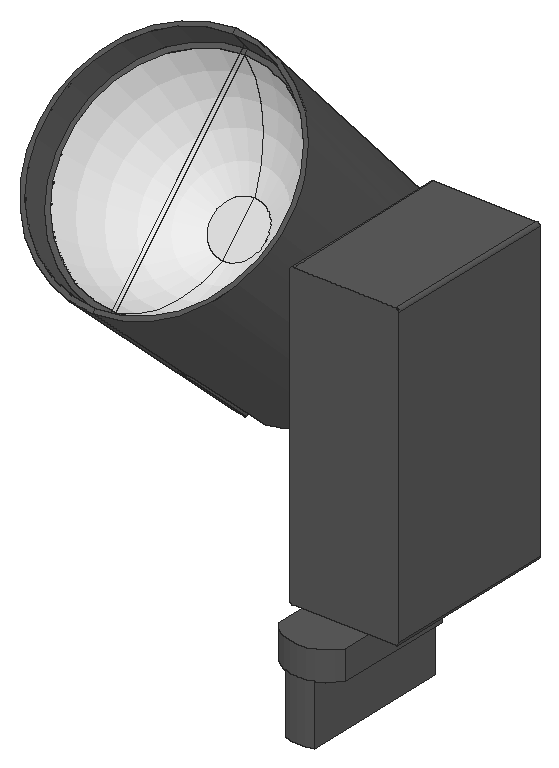
Revit family "0004858 Feilo Sylvania Lighting Fixture START TRACK SPOT L 55W 4K RA80 WB BLACK", category Lighting Fixtures, host Face, Revit 2017 (continued)
Definition of nested family "Start Track Spot Head"
  Types (96, lengths in mm): name | Wattage | built-in parameter 1150134 | Photometric Web File | Model | built-in parameter 1150105 | Lumens | built-in parameter 1150107 | built-in parameter 1150106 | HeadThickness_FEILO | HeadRibOffset_FEILO | HeadRibDepth_FEILO | HeadRibCutWidth_FEILO | HeadRibCutOffset_FEILO | HeadReflectorRadius_FEILO | HeadReflectorOffset_FEILO | HeadLEDRadius_FEILO | HeadHeight_FEILO | HeadDiffusorOffset_FEILO | HeadDiaOut_FEILO | HeadDiaIn_FEILO | HeadAxisFromTop_FEILO | Emit from Circle Diameter | built-in parameter 1150104 | Description | Apparent Load
    0004864 START TRACK SPOT S 24W 3K RA90 WB WHITE | 24 W | (empty or 0) | "0004864.ies" | "START TRACK SPOT S 24W 3K RA90 WB WHITE" | 152.79 (stored number, unit not read) | 1920 lm | 3000 (stored number, unit not read) | 1.5279 (stored number, unit not read) | 1.5 | 4.179 | 55.714 | 7.167 | 50.87 | 50.588 | 55.714 | 9.556 | 117 | 9.435 | 86 | 77.477 | 69.354 | 77.477 | 7.4322 (stored number, unit not read) | "Integrated LED spotlight, Textured White - RAL9016, compact and minimalist design, ideal for retail applications, die-cast aluminium body, passive cooling heatsink. Beam angle: 64°, color temperature: 3000K , total system power: 24W, total fixture output: 1928 lm, LOR: 100%, colour rendering: Ra: 90 typical, LED Chromaticity: 3 step MacAdam ellipse, lifetime: >50000 hours at L70B50, energy class: A++, A+, A, IR/UV free light source without heat radiation, operating voltage: 220-240V / 50-60Hz, drive current: 600mA, electronic driver, non-dimmable, power factor: 0.95, electrical protection: Class II, Global Track 3 Phase adapter suitable for Global trac 3-circuit tracks, ingress protection rating: IP20, suitable for internal environment only, horizontal rotation: 355°, vertical tilt: 90°, dimensions: Ø86x140x200, weight: 0.966kg." | 24 VA
    0004863 START TRACK SPOT S 24W 3K RA90 MB WHITE | 24 W | (empty or 0) | "0004863.ies" | "START TRACK SPOT S 24W 3K RA90 MB WHITE" | 154.7 (stored number, unit not read) | 1944 lm | 3000 (stored number, unit not read) | 1.547 (stored number, unit not read) | 1.5 | 4.179 | 55.714 | 7.167 | 50.87 | 50.588 | 55.714 | 9.556 | 117 | 9.435 | 86 | 77.477 | 69.354 | 77.477 | 7.5251 (stored number, unit not read) | "Integrated LED spotlight, Textured White - RAL9016, compact and minimalist design, ideal for retail applications, die-cast aluminium body, passive cooling heatsink. Beam angle: 36°, color temperature: 3000K , total system power: 24W, total fixture output: 1944 lm, LOR: 100%, colour rendering: Ra: 90 typical, LED Chromaticity: 3 step MacAdam ellipse, lifetime: >50000 hours at L70B50, energy class: A++, A+, A, IR/UV free light source without heat radiation, operating voltage: 220-240V / 50-60Hz, drive current: 600mA, electronic driver, non-dimmable, power factor: 0.95, electrical protection: Class II, Global Track 3 Phase adapter suitable for Global trac 3-circuit tracks, ingress protection rating: IP20, suitable for internal environment only, horizontal rotation: 355°, vertical tilt: 90°, dimensions: Ø86x140x200, weight: 0.966kg." | 24 VA
    0004862 START TRACK SPOT S 24W 3K RA90 NB WHITE | 24 W | (empty or 0) | "0004862.ies" | "START TRACK SPOT S 24W 3K RA90 NB WHITE" | 158.52 (stored number, unit not read) | 1992 lm | 3000 (stored number, unit not read) | 1.5852 (stored number, unit not read) | 1.5 | 4.179 | 55.714 | 7.167 | 50.87 | 50.588 | 55.714 | 9.556 | 117 | 9.435 | 86 | 77.477 | 69.354 | 77.477 | 7.711 (stored number, unit not read) | "Integrated LED spotlight, Textured White - RAL9016, compact and minimalist design, ideal for retail applications, die-cast aluminium body, passive cooling heatsink. Beam angle: 12°, color temperature: 3000K , total system power: 24W, total fixture output: 1987 lm, LOR: 100%, colour rendering: Ra: 90 typical, LED Chromaticity: 3 step MacAdam ellipse, lifetime: >50000 hours at L70B50, energy class: A++, A+, A, IR/UV free light source without heat radiation, operating voltage: 220-240V / 50-60Hz, drive current: 600mA, electronic driver, non-dimmable, power factor: 0.95, electrical protection: Class II, Global Track 3 Phase adapter suitable for Global trac 3-circuit tracks, ingress protection rating: IP20, suitable for internal environment only, horizontal rotation: 355°, vertical tilt: 90°, dimensions: Ø86x140x200, weight: 0.966kg." | 24 VA
    0004861 START TRACK SPOT S 14W 3K RA90 WB WHITE | 14 W | (empty or 0) | "0004861.ies" | "START TRACK SPOT S 14W 3K RA90 WB WHITE" | 100.27 (stored number, unit not read) | 1260 lm | 3000 (stored number, unit not read) | 1.0027 (stored number, unit not read) | 1.5 | 4.179 | 55.714 | 7.167 | 50.87 | 50.588 | 55.714 | 9.556 | 117 | 9.435 | 86 | 77.477 | 69.354 | 77.477 | 8.3613 (stored number, unit not read) | "Integrated LED spotlight, Textured White - RAL9016, compact and minimalist design, ideal for retail applications, die-cast aluminium body, passive cooling heatsink. Beam angle: 64°, color temperature: 3000K , total system power: 14W, total fixture output: 1262 lm, LOR: 100%, colour rendering: Ra: 90 typical, LED Chromaticity: 3 step MacAdam ellipse, lifetime: >50000 hours at L70B50, energy class: A++, A+, A, IR/UV free light source without heat radiation, operating voltage: 220-240V / 50-60Hz, drive current: 350mA, electronic driver, non-dimmable, power factor: 0.92, electrical protection: Class II, Global Track 3 Phase adapter suitable for Global trac 3-circuit tracks, ingress protection rating: IP20, suitable for internal environment only, horizontal rotation: 355°, vertical tilt: 90°, dimensions: Ø86x140x200, weight: 0.940kg." | 14 VA
    0004860 START TRACK SPOT S 14W 3K RA90 MB WHITE | 14 W | (empty or 0) | "0004860.ies" | "START TRACK SPOT S 14W 3K RA90 MB WHITE" | 100.27 (stored number, unit not read) | 1260 lm | 3000 (stored number, unit not read) | 1.0027 (stored number, unit not read) | 1.5 | 4.179 | 55.714 | 7.167 | 50.87 | 50.588 | 55.714 | 9.556 | 117 | 9.435 | 86 | 77.477 | 69.354 | 77.477 | 8.3613 (stored number, unit not read) | "Integrated LED spotlight, Textured White - RAL9016, compact and minimalist design, ideal for retail applications, die-cast aluminium body, passive cooling heatsink. Beam angle: 36°, color temperature: 3000K , total system power: 14W, total fixture output: 1262 lm, LOR: 100%, colour rendering: Ra: 90 typical, LED Chromaticity: 3 step MacAdam ellipse, lifetime: >50000 hours at L70B50, energy class: A++, A+, A, IR/UV free light source without heat radiation, operating voltage: 220-240V / 50-60Hz, drive current: 350mA, electronic driver, non-dimmable, power factor: 0.92, electrical protection: Class II, Global Track 3 Phase adapter suitable for Global trac 3-circuit tracks, ingress protection rating: IP20, suitable for internal environment only, horizontal rotation: 355°, vertical tilt: 90°, dimensions: Ø86x140x200, weight: 0.940kg." | 14 VA
    0004859 START TRACK SPOT S 14W 3K RA90 NB WHITE | 14 W | (empty or 0) | "0004859.ies" | "START TRACK SPOT S 14W 3K RA90 NB WHITE" | 102.5 (stored number, unit not read) | 1288 lm | 3000 (stored number, unit not read) | 1.025 (stored number, unit not read) | 1.5 | 4.179 | 55.714 | 7.167 | 50.87 | 50.588 | 55.714 | 9.556 | 117 | 9.435 | 86 | 77.477 | 69.354 | 77.477 | 8.5471 (stored number, unit not read) | "Integrated LED spotlight, Textured White - RAL9016, compact and minimalist design, ideal for retail applications, die-cast aluminium body, passive cooling heatsink. Beam angle: 12°, color temperature: 3000K , total system power: 14W, total fixture output: 1284 lm, LOR: 100%, colour rendering: Ra: 90 typical, LED Chromaticity: 3 step MacAdam ellipse, lifetime: >50000 hours at L70B50, energy class: A++, A+, A, IR/UV free light source without heat radiation, operating voltage: 220-240V / 50-60Hz, drive current: 350mA, electronic driver, non-dimmable, power factor: 0.92, electrical protection: Class II, Global Track 3 Phase adapter suitable for Global trac 3-circuit tracks, ingress protection rating: IP20, suitable for internal environment only, horizontal rotation: 355°, vertical tilt: 90°, dimensions: Ø86x140x200, weight: 0.940kg." | 14 VA
    0004858 START TRACK SPOT L 55W 4K RA80 WB BLACK | 55 W | 12 | "0004858.ies" | "START TRACK SPOT L 55W 4K RA80 WB BLACK" | 424.55 (stored number, unit not read) | 5335 lm | 4000 (stored number, unit not read) | 4.2455 (stored number, unit not read) | 2 | 4.429 | 59.048 | 9.417 | 53.913 | 66.471 | 59.048 | 12.556 | 124 | 10 | 113 | 101.802 | 73.503 | 101.802 | 9.0116 (stored number, unit not read) | "Integrated LED spotlight, Textured Black - RAL9005, compact and minimalist design, ideal for retail applications, die-cast aluminium body, passive cooling heatsink. Beam angle: 52°, color temperature: 4000K , total system power: 55W, total fixture output: 5320 lm, LOR: 100%, colour rendering: Ra: 80 typical, LED Chromaticity: 3 step MacAdam ellipse, lifetime: >50000 hours at L70B50, energy class: A++, A+, A, IR/UV free light source without heat radiation, operating voltage: 220-240V / 50-60Hz, drive current: 1400mA, electronic driver, non-dimmable, power factor: 0.96, electrical protection: Class II, Global Track 3 Phase adapter suitable for Global trac 3-circuit tracks, ingress protection rating: IP20, suitable for internal environment only, horizontal rotation: 355°, vertical tilt: 90°, dimensions: Ø113x164x240, weight: 1.398kg." | 55 VA
    0004857 START TRACK SPOT L 55W 4K RA80 MB BLACK | 55 W | 12 | "0004857.ies" | "START TRACK SPOT L 55W 4K RA80 MB BLACK" | 428.92 (stored number, unit not read) | 5390 lm | 4000 (stored number, unit not read) | 4.2892 (stored number, unit not read) | 2 | 4.429 | 59.048 | 9.417 | 53.913 | 66.471 | 59.048 | 12.556 | 124 | 10 | 113 | 101.802 | 73.503 | 101.802 | 9.1045 (stored number, unit not read) | "Integrated LED spotlight, Textured Black - RAL9005, compact and minimalist design, ideal for retail applications, die-cast aluminium body, passive cooling heatsink. Beam angle: 38°, color temperature: 4000K , total system power: 55W, total fixture output: 5378 lm, LOR: 100%, colour rendering: Ra: 80 typical, LED Chromaticity: 3 step MacAdam ellipse, lifetime: >50000 hours at L70B50, energy class: A++, A+, A, IR/UV free light source without heat radiation, operating voltage: 220-240V / 50-60Hz, drive current: 1400mA, electronic driver, non-dimmable, power factor: 0.96, electrical protection: Class II, Global Track 3 Phase adapter suitable for Global trac 3-circuit tracks, ingress protection rating: IP20, suitable for internal environment only, horizontal rotation: 355°, vertical tilt: 90°, dimensions: Ø113x164x240, weight: 1.398kg." | 55 VA
    0004856 START TRACK SPOT L 55W 4K RA80 NB BLACK | 55 W | 12 | "0004856.ies" | "START TRACK SPOT L 55W 4K RA80 NB BLACK" | 433.3 (stored number, unit not read) | 5445 lm | 4000 (stored number, unit not read) | 4.333 (stored number, unit not read) | 2 | 4.429 | 59.048 | 9.417 | 53.913 | 66.471 | 59.048 | 12.556 | 124 | 10 | 113 | 101.802 | 73.503 | 101.802 | 9.1974 (stored number, unit not read) | "Integrated LED spotlight, Textured Black - RAL9005, compact and minimalist design, ideal for retail applications, die-cast aluminium body, passive cooling heatsink. Beam angle: 15°, color temperature: 4000K , total system power: 55W, total fixture output: 5426 lm, LOR: 100%, colour rendering: Ra: 80 typical, LED Chromaticity: 3 step MacAdam ellipse, lifetime: >50000 hours at L70B50, energy class: A++, A+, A, IR/UV free light source without heat radiation, operating voltage: 220-240V / 50-60Hz, drive current: 1400mA, electronic driver, non-dimmable, power factor: 0.96, electrical protection: Class II, Global Track 3 Phase adapter suitable for Global trac 3-circuit tracks, ingress protection rating: IP20, suitable for internal environment only, horizontal rotation: 355°, vertical tilt: 90°, dimensions: Ø113x164x240, weight: 1.398kg." | 55 VA
    0004855 START TRACK SPOT L 35W 4K RA80 WB BLACK | 35 W | 12 | "0004855.ies" | "START TRACK SPOT L 35W 4K RA80 WB BLACK" | 320.3 (stored number, unit not read) | 4025 lm | 4000 (stored number, unit not read) | 3.203 (stored number, unit not read) | 2 | 4.429 | 59.048 | 9.417 | 53.913 | 66.471 | 59.048 | 12.556 | 124 | 10 | 113 | 101.802 | 73.503 | 101.802 | 10.684 (stored number, unit not read) | "Integrated LED spotlight, Textured Black - RAL9005, compact and minimalist design, ideal for retail applications, die-cast aluminium body, passive cooling heatsink. Beam angle: 52°, color temperature: 4000K , total system power: 35W, total fixture output: 4010 lm, LOR: 100%, colour rendering: Ra: 80 typical, LED Chromaticity: 3 step MacAdam ellipse, lifetime: >50000 hours at L70B50, energy class: A++, A+, A, IR/UV free light source without heat radiation, operating voltage: 220-240V / 50-60Hz, drive current: 900mA, electronic driver, non-dimmable, power factor: 0.93, electrical protection: Class II, Global Track 3 Phase adapter suitable for Global trac 3-circuit tracks, ingress protection rating: IP20, suitable for internal environment only, horizontal rotation: 355°, vertical tilt: 90°, dimensions: Ø113x164x240, weight: 1.368kg." | 35 VA
    0004854 START TRACK SPOT L 35W 4K RA80 MB BLACK | 35 W | 12 | "0004854.ies" | "START TRACK SPOT L 35W 4K RA80 MB BLACK" | 320.3 (stored number, unit not read) | 4025 lm | 4000 (stored number, unit not read) | 3.203 (stored number, unit not read) | 2 | 4.429 | 59.048 | 9.417 | 53.913 | 66.471 | 59.048 | 12.556 | 124 | 10 | 113 | 101.802 | 73.503 | 101.802 | 10.684 (stored number, unit not read) | "Integrated LED spotlight, Textured Black - RAL9005, compact and minimalist design, ideal for retail applications, die-cast aluminium body, passive cooling heatsink. Beam angle: 38°, color temperature: 4000K , total system power: 35W, total fixture output: 4017 lm, LOR: 100%, colour rendering: Ra: 80 typical, LED Chromaticity: 3 step MacAdam ellipse, lifetime: >50000 hours at L70B50, energy class: A++, A+, A, IR/UV free light source without heat radiation, operating voltage: 220-240V / 50-60Hz, drive current: 900mA, electronic driver, non-dimmable, power factor: 0.93, electrical protection: Class II, Global Track 3 Phase adapter suitable for Global trac 3-circuit tracks, ingress protection rating: IP20, suitable for internal environment only, horizontal rotation: 355°, vertical tilt: 90°, dimensions: Ø113x164x240, weight: 1.368kg." | 35 VA
    0004853 START TRACK SPOT L 35W 4K RA80 NB BLACK | 35 W | 12 | "0004853.ies" | "START TRACK SPOT L 35W 4K RA80 NB BLACK" | 331.44 (stored number, unit not read) | 4165 lm | 4000 (stored number, unit not read) | 3.3144 (stored number, unit not read) | 2 | 4.429 | 59.048 | 9.417 | 53.913 | 66.471 | 59.048 | 12.556 | 124 | 10 | 113 | 101.802 | 73.503 | 101.802 | 11.055 (stored number, unit not read) | "Integrated LED spotlight, Textured Black - RAL9005, compact and minimalist design, ideal for retail applications, die-cast aluminium body, passive cooling heatsink. Beam angle: 15°, color temperature: 4000K , total system power: 35W, total fixture output: 4174 lm, LOR: 100%, colour rendering: Ra: 80 typical, LED Chromaticity: 3 step MacAdam ellipse, lifetime: >50000 hours at L70B50, energy class: A++, A+, A, IR/UV free light source without heat radiation, operating voltage: 220-240V / 50-60Hz, drive current: 900mA, electronic driver, non-dimmable, power factor: 0.93, electrical protection: Class II, Global Track 3 Phase adapter suitable for Global trac 3-circuit tracks, ingress protection rating: IP20, suitable for internal environment only, horizontal rotation: 355°, vertical tilt: 90°, dimensions: Ø113x164x240, weight: 1.368kg." | 35 VA
    0004852 START TRACK SPOT S 24W 4K RA80 WB BLACK | 24 W | 12 | "0004852.ies" | "START TRACK SPOT S 24W 4K RA80 WB BLACK" | 196.72 (stored number, unit not read) | 2472 lm | 4000 (stored number, unit not read) | 1.9672 (stored number, unit not read) | 1.5 | 4.179 | 55.714 | 7.167 | 50.87 | 50.588 | 55.714 | 9.556 | 117 | 9.435 | 86 | 77.477 | 69.354 | 77.477 | 9.569 (stored number, unit not read) | "Integrated LED spotlight, Textured Black - RAL9005, compact and minimalist design, ideal for retail applications, die-cast aluminium body, passive cooling heatsink. Beam angle: 64°, color temperature: 4000K , total system power: 24W, total fixture output: 2476 lm, LOR: 100%, colour rendering: Ra: 80 typical, LED Chromaticity: 3 step MacAdam ellipse, lifetime: >50000 hours at L70B50, energy class: A++, A+, A, IR/UV free light source without heat radiation, operating voltage: 220-240V / 50-60Hz, drive current: 600mA, electronic driver, non-dimmable, power factor: 0.95, electrical protection: Class II, Global Track 3 Phase adapter suitable for Global trac 3-circuit tracks, ingress protection rating: IP20, suitable for internal environment only, horizontal rotation: 355°, vertical tilt: 90°, dimensions: Ø86x140x200, weight: 0.966kg." | 24 VA
    0004851 START TRACK SPOT S 24W 4K RA80 MB BLACK | 24 W | 12 | "0004851.ies" | "START TRACK SPOT S 24W 4K RA80 MB BLACK" | 198.63 (stored number, unit not read) | 2496 lm | 4000 (stored number, unit not read) | 1.9863 (stored number, unit not read) | 1.5 | 4.179 | 55.714 | 7.167 | 50.87 | 50.588 | 55.714 | 9.556 | 117 | 9.435 | 86 | 77.477 | 69.354 | 77.477 | 9.6619 (stored number, unit not read) | "Integrated LED spotlight, Textured Black - RAL9005, compact and minimalist design, ideal for retail applications, die-cast aluminium body, passive cooling heatsink. Beam angle: 36°, color temperature: 4000K , total system power: 24W, total fixture output: 2487 lm, LOR: 100%, colour rendering: Ra: 80 typical, LED Chromaticity: 3 step MacAdam ellipse, lifetime: >50000 hours at L70B50, energy class: A++, A+, A, IR/UV free light source without heat radiation, operating voltage: 220-240V / 50-60Hz, drive current: 600mA, electronic driver, non-dimmable, power factor: 0.95, electrical protection: Class II, Global Track 3 Phase adapter suitable for Global trac 3-circuit tracks, ingress protection rating: IP20, suitable for internal environment only, horizontal rotation: 355°, vertical tilt: 90°, dimensions: Ø86x140x200, weight: 0.966kg." | 24 VA
    0004850 START TRACK SPOT S 24W 4K RA80 NB BLACK | 24 W | 12 | "0004850.ies" | "START TRACK SPOT S 24W 4K RA80 NB BLACK" | 200.54 (stored number, unit not read) | 2520 lm | 4000 (stored number, unit not read) | 2.0054 (stored number, unit not read) | 1.5 | 4.179 | 55.714 | 7.167 | 50.87 | 50.588 | 55.714 | 9.556 | 117 | 9.435 | 86 | 77.477 | 69.354 | 77.477 | 9.7548 (stored number, unit not read) | "Integrated LED spotlight, Textured Black - RAL9005, compact and minimalist design, ideal for retail applications, die-cast aluminium body, passive cooling heatsink. Beam angle: 12°, color temperature: 4000K , total system power: 24W, total fixture output: 2529 lm, LOR: 100%, colour rendering: Ra: 80 typical, LED Chromaticity: 3 step MacAdam ellipse, lifetime: >50000 hours at L70B50, energy class: A++, A+, A, IR/UV free light source without heat radiation, operating voltage: 220-240V / 50-60Hz, drive current: 600mA, electronic driver, non-dimmable, power factor: 0.95, electrical protection: Class II, Global Track 3 Phase adapter suitable for Global trac 3-circuit tracks, ingress protection rating: IP20, suitable for internal environment only, horizontal rotation: 355°, vertical tilt: 90°, dimensions: Ø86x140x200, weight: 0.966kg." | 24 VA
    0004849 START TRACK SPOT S 14W 4K RA80 WB BLACK | 14 W | 12 | "0004849.ies" | "START TRACK SPOT S 14W 4K RA80 WB BLACK" | 123.66 (stored number, unit not read) | 1554 lm | 4000 (stored number, unit not read) | 1.2366 (stored number, unit not read) | 1.5 | 4.179 | 55.714 | 7.167 | 50.87 | 50.588 | 55.714 | 9.556 | 117 | 9.435 | 86 | 77.477 | 69.354 | 77.477 | 10.312 (stored number, unit not read) | "Integrated LED spotlight, Textured Black - RAL9005, compact and minimalist design, ideal for retail applications, die-cast aluminium body, passive cooling heatsink. Beam angle: 64°, color temperature: 4000K , total system power: 14W, total fixture output: 1558 lm, LOR: 100%, colour rendering: Ra: 80 typical, LED Chromaticity: 3 step MacAdam ellipse, lifetime: >50000 hours at L70B50, energy class: A++, A+, A, IR/UV free light source without heat radiation, operating voltage: 220-240V / 50-60Hz, drive current: 350mA, electronic driver, non-dimmable, power factor: 0.92, electrical protection: Class II, Global Track 3 Phase adapter suitable for Global trac 3-circuit tracks, ingress protection rating: IP20, suitable for internal environment only, horizontal rotation: 355°, vertical tilt: 90°, dimensions: Ø86x140x200, weight: 0.940kg." | 14 VA
    0004848 START TRACK SPOT S 14W 4K RA80 MB BLACK | 14 W | 12 | "0004848.ies" | "START TRACK SPOT S 14W 4K RA80 MB BLACK" | 127.01 (stored number, unit not read) | 1596 lm | 4000 (stored number, unit not read) | 1.2701 (stored number, unit not read) | 1.5 | 4.179 | 55.714 | 7.167 | 50.87 | 50.588 | 55.714 | 9.556 | 117 | 9.435 | 86 | 77.477 | 69.354 | 77.477 | 10.591 (stored number, unit not read) | "Integrated LED spotlight, Textured Black - RAL9005, compact and minimalist design, ideal for retail applications, die-cast aluminium body, passive cooling heatsink. Beam angle: 36°, color temperature: 4000K , total system power: 14W, total fixture output: 1598 lm, LOR: 100%, colour rendering: Ra: 80 typical, LED Chromaticity: 3 step MacAdam ellipse, lifetime: >50000 hours at L70B50, energy class: A++, A+, A, IR/UV free light source without heat radiation, operating voltage: 220-240V / 50-60Hz, drive current: 350mA, electronic driver, non-dimmable, power factor: 0.92, electrical protection: Class II, Global Track 3 Phase adapter suitable for Global trac 3-circuit tracks, ingress protection rating: IP20, suitable for internal environment only, horizontal rotation: 355°, vertical tilt: 90°, dimensions: Ø86x140x200, weight: 0.940kg." | 14 VA
    0004847 START TRACK SPOT S 14W 4K RA80 NB BLACK | 14 W | 12 | "0004847.ies" | "START TRACK SPOT S 14W 4K RA80 NB BLACK" | 128.12 (stored number, unit not read) | 1610 lm | 4000 (stored number, unit not read) | 1.2812 (stored number, unit not read) | 1.5 | 4.179 | 55.714 | 7.167 | 50.87 | 50.588 | 55.714 | 9.556 | 117 | 9.435 | 86 | 77.477 | 69.354 | 77.477 | 10.684 (stored number, unit not read) | "Integrated LED spotlight, Textured Black - RAL9005, compact and minimalist design, ideal for retail applications, die-cast aluminium body, passive cooling heatsink. Beam angle: 12°, color temperature: 4000K , total system power: 14W, total fixture output: 1608 lm, LOR: 100%, colour rendering: Ra: 80 typical, LED Chromaticity: 3 step MacAdam ellipse, lifetime: >50000 hours at L70B50, energy class: A++, A+, A, IR/UV free light source without heat radiation, operating voltage: 220-240V / 50-60Hz, drive current: 350mA, electronic driver, non-dimmable, power factor: 0.92, electrical protection: Class II, Global Track 3 Phase adapter suitable for Global trac 3-circuit tracks, ingress protection rating: IP20, suitable for internal environment only, horizontal rotation: 355°, vertical tilt: 90°, dimensions: Ø86x140x200, weight: 0.940kg." | 14 VA
    0004846 START TRACK SPOT L 55W 3K RA80 WB BLACK | 55 W | (empty or 0) | "0004846.ies" | "START TRACK SPOT L 55W 3K RA80 WB BLACK" | 420.17 (stored number, unit not read) | 5280 lm | 3000 (stored number, unit not read) | 4.2017 (stored number, unit not read) | 2 | 4.429 | 59.048 | 9.417 | 53.913 | 66.471 | 59.048 | 12.556 | 124 | 10 | 113 | 101.802 | 73.503 | 101.802 | 8.9187 (stored number, unit not read) | "Integrated LED spotlight, Textured Black - RAL9005, compact and minimalist design, ideal for retail applications, die-cast aluminium body, passive cooling heatsink. Beam angle: 52°, color temperature: 3000K , total system power: 55W, total fixture output: 5298 lm, LOR: 100%, colour rendering: Ra: 80 typical, LED Chromaticity: 3 step MacAdam ellipse, lifetime: >50000 hours at L70B50, energy class: A++, A+, A, IR/UV free light source without heat radiation, operating voltage: 220-240V / 50-60Hz, drive current: 1400mA, electronic driver, non-dimmable, power factor: 0.96, electrical protection: Class II, Global Track 3 Phase adapter suitable for Global trac 3-circuit tracks, ingress protection rating: IP20, suitable for internal environment only, horizontal rotation: 355°, vertical tilt: 90°, dimensions: Ø113x164x240, weight: 1.398kg." | 55 VA
    0004845 START TRACK SPOT L 55W 3K RA80 MB BLACK | 55 W | (empty or 0) | "0004845.ies" | "START TRACK SPOT L 55W 3K RA80 MB BLACK" | 428.92 (stored number, unit not read) | 5390 lm | 3000 (stored number, unit not read) | 4.2892 (stored number, unit not read) | 2 | 4.429 | 59.048 | 9.417 | 53.913 | 66.471 | 59.048 | 12.556 | 124 | 10 | 113 | 101.802 | 73.503 | 101.802 | 9.1045 (stored number, unit not read) | "Integrated LED spotlight, Textured Black - RAL9005, compact and minimalist design, ideal for retail applications, die-cast aluminium body, passive cooling heatsink. Beam angle: 38°, color temperature: 3000K , total system power: 55W, total fixture output: 5381 lm, LOR: 100%, colour rendering: Ra: 80 typical, LED Chromaticity: 3 step MacAdam ellipse, lifetime: >50000 hours at L70B50, energy class: A++, A+, A, IR/UV free light source without heat radiation, operating voltage: 220-240V / 50-60Hz, drive current: 1400mA, electronic driver, non-dimmable, power factor: 0.96, electrical protection: Class II, Global Track 3 Phase adapter suitable for Global trac 3-circuit tracks, ingress protection rating: IP20, suitable for internal environment only, horizontal rotation: 355°, vertical tilt: 90°, dimensions: Ø113x164x240, weight: 1.398kg." | 55 VA
    0004844 START TRACK SPOT L 55W 3K RA80 NB BLACK | 55 W | (empty or 0) | "0004844.ies" | "START TRACK SPOT L 55W 3K RA80 NB BLACK" | 433.3 (stored number, unit not read) | 5445 lm | 3000 (stored number, unit not read) | 4.333 (stored number, unit not read) | 2 | 4.429 | 59.048 | 9.417 | 53.913 | 66.471 | 59.048 | 12.556 | 124 | 10 | 113 | 101.802 | 73.503 | 101.802 | 9.1974 (stored number, unit not read) | "Integrated LED spotlight, Textured Black - RAL9005, compact and minimalist design, ideal for retail applications, die-cast aluminium body, passive cooling heatsink. Beam angle: 15°, color temperature: 3000K , total system power: 55W, total fixture output: 5449 lm, LOR: 100%, colour rendering: Ra: 80 typical, LED Chromaticity: 3 step MacAdam ellipse, lifetime: >50000 hours at L70B50, energy class: A++, A+, A, IR/UV free light source without heat radiation, operating voltage: 220-240V / 50-60Hz, drive current: 1400mA, electronic driver, non-dimmable, power factor: 0.96, electrical protection: Class II, Global Track 3 Phase adapter suitable for Global trac 3-circuit tracks, ingress protection rating: IP20, suitable for internal environment only, horizontal rotation: 355°, vertical tilt: 90°, dimensions: Ø113x164x240, weight: 1.398kg." | 55 VA
    0004843 START TRACK SPOT L 35W 3K RA80 WB BLACK | 35 W | (empty or 0) | "0004843.ies" | "START TRACK SPOT L 35W 3K RA80 WB BLACK" | 314.73 (stored number, unit not read) | 3955 lm | 3000 (stored number, unit not read) | 3.1473 (stored number, unit not read) | 2 | 4.429 | 59.048 | 9.417 | 53.913 | 66.471 | 59.048 | 12.556 | 124 | 10 | 113 | 101.802 | 73.503 | 101.802 | 10.498 (stored number, unit not read) | "Integrated LED spotlight, Textured Black - RAL9005, compact and minimalist design, ideal for retail applications, die-cast aluminium body, passive cooling heatsink. Beam angle: 52°, color temperature: 3000K , total system power: 35W, total fixture output: 3943 lm, LOR: 100%, colour rendering: Ra: 80 typical, LED Chromaticity: 3 step MacAdam ellipse, lifetime: >50000 hours at L70B50, energy class: A++, A+, A, IR/UV free light source without heat radiation, operating voltage: 220-240V / 50-60Hz, drive current: 900mA, electronic driver, non-dimmable, power factor: 0.93, electrical protection: Class II, Global Track 3 Phase adapter suitable for Global trac 3-circuit tracks, ingress protection rating: IP20, suitable for internal environment only, horizontal rotation: 355°, vertical tilt: 90°, dimensions: Ø113x164x240, weight: 1.368kg." | 35 VA
    0004842 START TRACK SPOT L 35W 3K RA80 MB BLACK | 35 W | (empty or 0) | "0004842.ies" | "START TRACK SPOT L 35W 3K RA80 MB BLACK" | 320.3 (stored number, unit not read) | 4025 lm | 3000 (stored number, unit not read) | 3.203 (stored number, unit not read) | 2 | 4.429 | 59.048 | 9.417 | 53.913 | 66.471 | 59.048 | 12.556 | 124 | 10 | 113 | 101.802 | 73.503 | 101.802 | 10.684 (stored number, unit not read) | "Integrated LED spotlight, Textured Black - RAL9005, compact and minimalist design, ideal for retail applications, die-cast aluminium body, passive cooling heatsink. Beam angle: 38°, color temperature: 3000K , total system power: 35W, total fixture output: 4008 lm, LOR: 100%, colour rendering: Ra: 80 typical, LED Chromaticity: 3 step MacAdam ellipse, lifetime: >50000 hours at L70B50, energy class: A++, A+, A, IR/UV free light source without heat radiation, operating voltage: 220-240V / 50-60Hz, drive current: 900mA, electronic driver, non-dimmable, power factor: 0.93, electrical protection: Class II, Global Track 3 Phase adapter suitable for Global trac 3-circuit tracks, ingress protection rating: IP20, suitable for internal environment only, horizontal rotation: 355°, vertical tilt: 90°, dimensions: Ø113x164x240, weight: 1.368kg." | 35 VA
    0004841 START TRACK SPOT L 35W 3K RA80 NB BLACK | 35 W | (empty or 0) | "0004841.ies" | "START TRACK SPOT L 35W 3K RA80 NB BLACK" | 317.51 (stored number, unit not read) | 3990 lm | 3000 (stored number, unit not read) | 3.1751 (stored number, unit not read) | 2 | 4.429 | 59.048 | 9.417 | 53.913 | 66.471 | 59.048 | 12.556 | 124 | 10 | 113 | 101.802 | 73.503 | 101.802 | 10.591 (stored number, unit not read) | "Integrated LED spotlight, Textured Black - RAL9005, compact and minimalist design, ideal for retail applications, die-cast aluminium body, passive cooling heatsink. Beam angle: 15°, color temperature: 3000K , total system power: 35W, total fixture output: 4005 lm, LOR: 100%, colour rendering: Ra: 80 typical, LED Chromaticity: 3 step MacAdam ellipse, lifetime: >50000 hours at L70B50, energy class: A++, A+, A, IR/UV free light source without heat radiation, operating voltage: 220-240V / 50-60Hz, drive current: 900mA, electronic driver, non-dimmable, power factor: 0.93, electrical protection: Class II, Global Track 3 Phase adapter suitable for Global trac 3-circuit tracks, ingress protection rating: IP20, suitable for internal environment only, horizontal rotation: 355°, vertical tilt: 90°, dimensions: Ø113x164x240, weight: 1.368kg." | 35 VA
    0004840 START TRACK SPOT S 24W 3K RA80 WB BLACK | 24 W | (empty or 0) | "0004840.ies" | "START TRACK SPOT S 24W 3K RA80 WB BLACK" | 185.26 (stored number, unit not read) | 2328 lm | 3000 (stored number, unit not read) | 1.8526 (stored number, unit not read) | 1.5 | 4.179 | 55.714 | 7.167 | 50.87 | 50.588 | 55.714 | 9.556 | 117 | 9.435 | 86 | 77.477 | 69.354 | 77.477 | 9.0116 (stored number, unit not read) | "Integrated LED spotlight, Textured Black - RAL9005, compact and minimalist design, ideal for retail applications, die-cast aluminium body, passive cooling heatsink. Beam angle: 64°, color temperature: 3000K , total system power: 24W, total fixture output: 2318 lm, LOR: 100%, colour rendering: Ra: 80 typical, LED Chromaticity: 3 step MacAdam ellipse, lifetime: >50000 hours at L70B50, energy class: A++, A+, A, IR/UV free light source without heat radiation, operating voltage: 220-240V / 50-60Hz, drive current: 600mA, electronic driver, non-dimmable, power factor: 0.95, electrical protection: Class II, Global Track 3 Phase adapter suitable for Global trac 3-circuit tracks, ingress protection rating: IP20, suitable for internal environment only, horizontal rotation: 355°, vertical tilt: 90°, dimensions: Ø86x140x200, weight: 0.966kg." | 24 VA
    0004839 START TRACK SPOT S 24W 3K RA80 MB BLACK | 24 W | (empty or 0) | "0004839.ies" | "START TRACK SPOT S 24W 3K RA80 MB BLACK" | 183.35 (stored number, unit not read) | 2304 lm | 3000 (stored number, unit not read) | 1.8335 (stored number, unit not read) | 1.5 | 4.179 | 55.714 | 7.167 | 50.87 | 50.588 | 55.714 | 9.556 | 117 | 9.435 | 86 | 77.477 | 69.354 | 77.477 | 8.9187 (stored number, unit not read) | "Integrated LED spotlight, Textured Black - RAL9005, compact and minimalist design, ideal for retail applications, die-cast aluminium body, passive cooling heatsink. Beam angle: 36°, color temperature: 3000K , total system power: 24W, total fixture output: 2314 lm, LOR: 100%, colour rendering: Ra: 80 typical, LED Chromaticity: 3 step MacAdam ellipse, lifetime: >50000 hours at L70B50, energy class: A++, A+, A, IR/UV free light source without heat radiation, operating voltage: 220-240V / 50-60Hz, drive current: 600mA, electronic driver, non-dimmable, power factor: 0.95, electrical protection: Class II, Global Track 3 Phase adapter suitable for Global trac 3-circuit tracks, ingress protection rating: IP20, suitable for internal environment only, horizontal rotation: 355°, vertical tilt: 90°, dimensions: Ø86x140x200, weight: 0.966kg." | 24 VA
    0004838 START TRACK SPOT S 24W 3K RA80 NB BLACK | 24 W | (empty or 0) | "0004838.ies" | "START TRACK SPOT S 24W 3K RA80 NB BLACK" | 185.26 (stored number, unit not read) | 2328 lm | 3000 (stored number, unit not read) | 1.8526 (stored number, unit not read) | 1.5 | 4.179 | 55.714 | 7.167 | 50.87 | 50.588 | 55.714 | 9.556 | 117 | 9.435 | 86 | 77.477 | 69.354 | 77.477 | 9.0116 (stored number, unit not read) | "Integrated LED spotlight, Textured Black - RAL9005, compact and minimalist design, ideal for retail applications, die-cast aluminium body, passive cooling heatsink. Beam angle: 12°, color temperature: 3000K , total system power: 24W, total fixture output: 2334 lm, LOR: 100%, colour rendering: Ra: 80 typical, LED Chromaticity: 3 step MacAdam ellipse, lifetime: >50000 hours at L70B50, energy class: A++, A+, A, IR/UV free light source without heat radiation, operating voltage: 220-240V / 50-60Hz, drive current: 600mA, electronic driver, non-dimmable, power factor: 0.95, electrical protection: Class II, Global Track 3 Phase adapter suitable for Global trac 3-circuit tracks, ingress protection rating: IP20, suitable for internal environment only, horizontal rotation: 355°, vertical tilt: 90°, dimensions: Ø86x140x200, weight: 0.966kg." | 24 VA
    0004837 START TRACK SPOT S 14W 3K RA80 WB BLACK | 14 W | (empty or 0) | "0004837.ies" | "START TRACK SPOT S 14W 3K RA80 WB BLACK" | 119.21 (stored number, unit not read) | 1498 lm | 3000 (stored number, unit not read) | 1.1921 (stored number, unit not read) | 1.5 | 4.179 | 55.714 | 7.167 | 50.87 | 50.588 | 55.714 | 9.556 | 117 | 9.435 | 86 | 77.477 | 69.354 | 77.477 | 9.9406 (stored number, unit not read) | "Integrated LED spotlight, Textured Black - RAL9005, compact and minimalist design, ideal for retail applications, die-cast aluminium body, passive cooling heatsink. Beam angle: 64°, color temperature: 3000K , total system power: 14W, total fixture output: 1498 lm, LOR: 100%, colour rendering: Ra: 80 typical, LED Chromaticity: 3 step MacAdam ellipse, lifetime: >50000 hours at L70B50, energy class: A++, A+, A, IR/UV free light source without heat radiation, operating voltage: 220-240V / 50-60Hz, drive current: 350mA, electronic driver, non-dimmable, power factor: 0.92, electrical protection: Class II, Global Track 3 Phase adapter suitable for Global trac 3-circuit tracks, ingress protection rating: IP20, suitable for internal environment only, horizontal rotation: 355°, vertical tilt: 90°, dimensions: Ø86x140x200, weight: 0.940kg." | 14 VA
    0004836 START TRACK SPOT S 14W 3K RA80 MB BLACK | 14 W | (empty or 0) | "0004836.ies" | "START TRACK SPOT S 14W 3K RA80 MB BLACK" | 120.32 (stored number, unit not read) | 1512 lm | 3000 (stored number, unit not read) | 1.2032 (stored number, unit not read) | 1.5 | 4.179 | 55.714 | 7.167 | 50.87 | 50.588 | 55.714 | 9.556 | 117 | 9.435 | 86 | 77.477 | 69.354 | 77.477 | 10.034 (stored number, unit not read) | "Integrated LED spotlight, Textured Black - RAL9005, compact and minimalist design, ideal for retail applications, die-cast aluminium body, passive cooling heatsink. Beam angle: 36°, color temperature: 3000K , total system power: 14W, total fixture output: 1508 lm, LOR: 100%, colour rendering: Ra: 80 typical, LED Chromaticity: 3 step MacAdam ellipse, lifetime: >50000 hours at L70B50, energy class: A++, A+, A, IR/UV free light source without heat radiation, operating voltage: 220-240V / 50-60Hz, drive current: 350mA, electronic driver, non-dimmable, power factor: 0.92, electrical protection: Class II, Global Track 3 Phase adapter suitable for Global trac 3-circuit tracks, ingress protection rating: IP20, suitable for internal environment only, horizontal rotation: 355°, vertical tilt: 90°, dimensions: Ø86x140x200, weight: 0.940kg." | 14 VA
    0004835 START TRACK SPOT S 14W 3K RA80 NB BLACK | 14 W | (empty or 0) | "0004835.ies" | "START TRACK SPOT S 14W 3K RA80 NB BLACK" | 123.66 (stored number, unit not read) | 1554 lm | 3000 (stored number, unit not read) | 1.2366 (stored number, unit not read) | 1.5 | 4.179 | 55.714 | 7.167 | 50.87 | 50.588 | 55.714 | 9.556 | 117 | 9.435 | 86 | 77.477 | 69.354 | 77.477 | 10.312 (stored number, unit not read) | "Integrated LED spotlight, Textured Black - RAL9005, compact and minimalist design, ideal for retail applications, die-cast aluminium body, passive cooling heatsink. Beam angle: 12°, color temperature: 3000K , total system power: 14W, total fixture output: 1551 lm, LOR: 100%, colour rendering: Ra: 80 typical, LED Chromaticity: 3 step MacAdam ellipse, lifetime: >50000 hours at L70B50, energy class: A++, A+, A, IR/UV free light source without heat radiation, operating voltage: 220-240V / 50-60Hz, drive current: 350mA, electronic driver, non-dimmable, power factor: 0.92, electrical protection: Class II, Global Track 3 Phase adapter suitable for Global trac 3-circuit tracks, ingress protection rating: IP20, suitable for internal environment only, horizontal rotation: 355°, vertical tilt: 90°, dimensions: Ø86x140x200, weight: 0.940kg." | 14 VA
    0004834 START TRACK SPOT L 55W 4K RA80 WB WHITE | 55 W | 12 | "0004834.ies" | "START TRACK SPOT L 55W 4K RA80 WB WHITE" | 424.55 (stored number, unit not read) | 5335 lm | 4000 (stored number, unit not read) | 4.2455 (stored number, unit not read) | 2 | 4.429 | 59.048 | 9.417 | 53.913 | 66.471 | 59.048 | 12.556 | 124 | 10 | 113 | 101.802 | 73.503 | 101.802 | 9.0116 (stored number, unit not read) | "Integrated LED spotlight, Textured White - RAL9016, compact and minimalist design, ideal for retail applications, die-cast aluminium body, passive cooling heatsink. Beam angle: 52°, color temperature: 4000K , total system power: 55W, total fixture output: 5320 lm, LOR: 100%, colour rendering: Ra: 80 typical, LED Chromaticity: 3 step MacAdam ellipse, lifetime: >50000 hours at L70B50, energy class: A++, A+, A, IR/UV free light source without heat radiation, operating voltage: 220-240V / 50-60Hz, drive current: 1400mA, electronic driver, non-dimmable, power factor: 0.96, electrical protection: Class II, Global Track 3 Phase adapter suitable for Global trac 3-circuit tracks, ingress protection rating: IP20, suitable for internal environment only, horizontal rotation: 355°, vertical tilt: 90°, dimensions: Ø113x164x240, weight: 1.398kg." | 55 VA
    0004833 START TRACK SPOT L 55W 4K RA80 MB WHITE | 55 W | 12 | "0004833.ies" | "START TRACK SPOT L 55W 4K RA80 MB WHITE" | 428.92 (stored number, unit not read) | 5390 lm | 4000 (stored number, unit not read) | 4.2892 (stored number, unit not read) | 2 | 4.429 | 59.048 | 9.417 | 53.913 | 66.471 | 59.048 | 12.556 | 124 | 10 | 113 | 101.802 | 73.503 | 101.802 | 9.1045 (stored number, unit not read) | "Integrated LED spotlight, Textured White - RAL9016, compact and minimalist design, ideal for retail applications, die-cast aluminium body, passive cooling heatsink. Beam angle: 38°, color temperature: 4000K , total system power: 55W, total fixture output: 5378 lm, LOR: 100%, colour rendering: Ra: 80 typical, LED Chromaticity: 3 step MacAdam ellipse, lifetime: >50000 hours at L70B50, energy class: A++, A+, A, IR/UV free light source without heat radiation, operating voltage: 220-240V / 50-60Hz, drive current: 1400mA, electronic driver, non-dimmable, power factor: 0.96, electrical protection: Class II, Global Track 3 Phase adapter suitable for Global trac 3-circuit tracks, ingress protection rating: IP20, suitable for internal environment only, horizontal rotation: 355°, vertical tilt: 90°, dimensions: Ø113x164x240, weight: 1.398kg." | 55 VA
    0004832 START TRACK SPOT L 55W 4K RA80 NB WHITE | 55 W | 12 | "0004832.ies" | "START TRACK SPOT L 55W 4K RA80 NB WHITE" | 433.3 (stored number, unit not read) | 5445 lm | 4000 (stored number, unit not read) | 4.333 (stored number, unit not read) | 2 | 4.429 | 59.048 | 9.417 | 53.913 | 66.471 | 59.048 | 12.556 | 124 | 10 | 113 | 101.802 | 73.503 | 101.802 | 9.1974 (stored number, unit not read) | "Integrated LED spotlight, Textured White - RAL9016, compact and minimalist design, ideal for retail applications, die-cast aluminium body, passive cooling heatsink. Beam angle: 15°, color temperature: 4000K , total system power: 55W, total fixture output: 5426 lm, LOR: 100%, colour rendering: Ra: 80 typical, LED Chromaticity: 3 step MacAdam ellipse, lifetime: >50000 hours at L70B50, energy class: A++, A+, A, IR/UV free light source without heat radiation, operating voltage: 220-240V / 50-60Hz, drive current: 1400mA, electronic driver, non-dimmable, power factor: 0.96, electrical protection: Class II, Global Track 3 Phase adapter suitable for Global trac 3-circuit tracks, ingress protection rating: IP20, suitable for internal environment only, horizontal rotation: 355°, vertical tilt: 90°, dimensions: Ø113x164x240, weight: 1.398kg." | 55 VA
    0004831 START TRACK SPOT L 35W 4K RA80 WB WHITE | 35 W | 12 | "0004831.ies" | "START TRACK SPOT L 35W 4K RA80 WB WHITE" | 320.3 (stored number, unit not read) | 4025 lm | 4000 (stored number, unit not read) | 3.203 (stored number, unit not read) | 2 | 4.429 | 59.048 | 9.417 | 53.913 | 66.471 | 59.048 | 12.556 | 124 | 10 | 113 | 101.802 | 73.503 | 101.802 | 10.684 (stored number, unit not read) | "Integrated LED spotlight, Textured White - RAL9016, compact and minimalist design, ideal for retail applications, die-cast aluminium body, passive cooling heatsink. Beam angle: 52°, color temperature: 4000K , total system power: 35W, total fixture output: 4010 lm, LOR: 100%, colour rendering: Ra: 80 typical, LED Chromaticity: 3 step MacAdam ellipse, lifetime: >50000 hours at L70B50, energy class: A++, A+, A, IR/UV free light source without heat radiation, operating voltage: 220-240V / 50-60Hz, drive current: 900mA, electronic driver, non-dimmable, power factor: 0.93, electrical protection: Class II, Global Track 3 Phase adapter suitable for Global trac 3-circuit tracks, ingress protection rating: IP20, suitable for internal environment only, horizontal rotation: 355°, vertical tilt: 90°, dimensions: Ø113x164x240, weight: 1.368kg." | 35 VA
    0004830 START TRACK SPOT L 35W 4K RA80 MB WHITE | 35 W | 12 | "0004830.ies" | "START TRACK SPOT L 35W 4K RA80 MB WHITE" | 320.3 (stored number, unit not read) | 4025 lm | 4000 (stored number, unit not read) | 3.203 (stored number, unit not read) | 2 | 4.429 | 59.048 | 9.417 | 53.913 | 66.471 | 59.048 | 12.556 | 124 | 10 | 113 | 101.802 | 73.503 | 101.802 | 10.684 (stored number, unit not read) | "Integrated LED spotlight, Textured White - RAL9016, compact and minimalist design, ideal for retail applications, die-cast aluminium body, passive cooling heatsink. Beam angle: 38°, color temperature: 4000K , total system power: 35W, total fixture output: 4017 lm, LOR: 100%, colour rendering: Ra: 80 typical, LED Chromaticity: 3 step MacAdam ellipse, lifetime: >50000 hours at L70B50, energy class: A++, A+, A, IR/UV free light source without heat radiation, operating voltage: 220-240V / 50-60Hz, drive current: 900mA, electronic driver, non-dimmable, power factor: 0.93, electrical protection: Class II, Global Track 3 Phase adapter suitable for Global trac 3-circuit tracks, ingress protection rating: IP20, suitable for internal environment only, horizontal rotation: 355°, vertical tilt: 90°, dimensions: Ø113x164x240, weight: 1.368kg." | 35 VA
    0004829 START TRACK SPOT L 35W 4K RA80 NB WHITE | 35 W | 12 | "0004829.ies" | "START TRACK SPOT L 35W 4K RA80 NB WHITE" | 331.44 (stored number, unit not read) | 4165 lm | 4000 (stored number, unit not read) | 3.3144 (stored number, unit not read) | 2 | 4.429 | 59.048 | 9.417 | 53.913 | 66.471 | 59.048 | 12.556 | 124 | 10 | 113 | 101.802 | 73.503 | 101.802 | 11.055 (stored number, unit not read) | "Integrated LED spotlight, Textured White - RAL9016, compact and minimalist design, ideal for retail applications, die-cast aluminium body, passive cooling heatsink. Beam angle: 15°, color temperature: 4000K , total system power: 35W, total fixture output: 4174 lm, LOR: 100%, colour rendering: Ra: 80 typical, LED Chromaticity: 3 step MacAdam ellipse, lifetime: >50000 hours at L70B50, energy class: A++, A+, A, IR/UV free light source without heat radiation, operating voltage: 220-240V / 50-60Hz, drive current: 900mA, electronic driver, non-dimmable, power factor: 0.93, electrical protection: Class II, Global Track 3 Phase adapter suitable for Global trac 3-circuit tracks, ingress protection rating: IP20, suitable for internal environment only, horizontal rotation: 355°, vertical tilt: 90°, dimensions: Ø113x164x240, weight: 1.368kg." | 35 VA
    0004828 START TRACK SPOT S 24W 4K RA80 WB WHITE | 24 W | 12 | "0004828.ies" | "START TRACK SPOT S 24W 4K RA80 WB WHITE" | 196.72 (stored number, unit not read) | 2472 lm | 4000 (stored number, unit not read) | 1.9672 (stored number, unit not read) | 1.5 | 4.179 | 55.714 | 7.167 | 50.87 | 50.588 | 55.714 | 9.556 | 117 | 9.435 | 86 | 77.477 | 69.354 | 77.477 | 9.569 (stored number, unit not read) | "Integrated LED spotlight, Textured White - RAL9016, compact and minimalist design, ideal for retail applications, die-cast aluminium body, passive cooling heatsink. Beam angle: 64°, color temperature: 4000K , total system power: 24W, total fixture output: 2476 lm, LOR: 100%, colour rendering: Ra: 80 typical, LED Chromaticity: 3 step MacAdam ellipse, lifetime: >50000 hours at L70B50, energy class: A++, A+, A, IR/UV free light source without heat radiation, operating voltage: 220-240V / 50-60Hz, drive current: 600mA, electronic driver, non-dimmable, power factor: 0.95, electrical protection: Class II, Global Track 3 Phase adapter suitable for Global trac 3-circuit tracks, ingress protection rating: IP20, suitable for internal environment only, horizontal rotation: 355°, vertical tilt: 90°, dimensions: Ø86x140x200, weight: 0.966kg." | 24 VA
    0004827 START TRACK SPOT S 24W 4K RA80 MB WHITE | 24 W | 12 | "0004827.ies" | "START TRACK SPOT S 24W 4K RA80 MB WHITE" | 198.63 (stored number, unit not read) | 2496 lm | 4000 (stored number, unit not read) | 1.9863 (stored number, unit not read) | 1.5 | 4.179 | 55.714 | 7.167 | 50.87 | 50.588 | 55.714 | 9.556 | 117 | 9.435 | 86 | 77.477 | 69.354 | 77.477 | 9.6619 (stored number, unit not read) | "Integrated LED spotlight, Textured White - RAL9016, compact and minimalist design, ideal for retail applications, die-cast aluminium body, passive cooling heatsink. Beam angle: 36°, color temperature: 4000K , total system power: 24W, total fixture output: 2487 lm, LOR: 100%, colour rendering: Ra: 80 typical, LED Chromaticity: 3 step MacAdam ellipse, lifetime: >50000 hours at L70B50, energy class: A++, A+, A, IR/UV free light source without heat radiation, operating voltage: 220-240V / 50-60Hz, drive current: 600mA, electronic driver, non-dimmable, power factor: 0.95, electrical protection: Class II, Global Track 3 Phase adapter suitable for Global trac 3-circuit tracks, ingress protection rating: IP20, suitable for internal environment only, horizontal rotation: 355°, vertical tilt: 90°, dimensions: Ø86x140x200, weight: 0.966kg." | 24 VA
    0004826 START TRACK SPOT S 24W 4K RA80 NB WHITE | 24 W | 12 | "0004826.ies" | "START TRACK SPOT S 24W 4K RA80 NB WHITE" | 200.54 (stored number, unit not read) | 2520 lm | 4000 (stored number, unit not read) | 2.0054 (stored number, unit not read) | 1.5 | 4.179 | 55.714 | 7.167 | 50.87 | 50.588 | 55.714 | 9.556 | 117 | 9.435 | 86 | 77.477 | 69.354 | 77.477 | 9.7548 (stored number, unit not read) | "Integrated LED spotlight, Textured White - RAL9016, compact and minimalist design, ideal for retail applications, die-cast aluminium body, passive cooling heatsink. Beam angle: 12°, color temperature: 4000K , total system power: 24W, total fixture output: 2529 lm, LOR: 100%, colour rendering: Ra: 80 typical, LED Chromaticity: 3 step MacAdam ellipse, lifetime: >50000 hours at L70B50, energy class: A++, A+, A, IR/UV free light source without heat radiation, operating voltage: 220-240V / 50-60Hz, drive current: 600mA, electronic driver, non-dimmable, power factor: 0.95, electrical protection: Class II, Global Track 3 Phase adapter suitable for Global trac 3-circuit tracks, ingress protection rating: IP20, suitable for internal environment only, horizontal rotation: 355°, vertical tilt: 90°, dimensions: Ø86x140x200, weight: 0.966kg." | 24 VA
    0004825 START TRACK SPOT S 14W 4K RA80 WB WHITE | 14 W | 12 | "0004825.ies" | "START TRACK SPOT S 14W 4K RA80 WB WHITE" | 123.66 (stored number, unit not read) | 1554 lm | 4000 (stored number, unit not read) | 1.2366 (stored number, unit not read) | 1.5 | 4.179 | 55.714 | 7.167 | 50.87 | 50.588 | 55.714 | 9.556 | 117 | 9.435 | 86 | 77.477 | 69.354 | 77.477 | 10.312 (stored number, unit not read) | "Integrated LED spotlight, Textured White - RAL9016, compact and minimalist design, ideal for retail applications, die-cast aluminium body, passive cooling heatsink. Beam angle: 64°, color temperature: 4000K , total system power: 14W, total fixture output: 1558 lm, LOR: 100%, colour rendering: Ra: 80 typical, LED Chromaticity: 3 step MacAdam ellipse, lifetime: >50000 hours at L70B50, energy class: A++, A+, A, IR/UV free light source without heat radiation, operating voltage: 220-240V / 50-60Hz, drive current: 350mA, electronic driver, non-dimmable, power factor: 0.92, electrical protection: Class II, Global Track 3 Phase adapter suitable for Global trac 3-circuit tracks, ingress protection rating: IP20, suitable for internal environment only, horizontal rotation: 355°, vertical tilt: 90°, dimensions: Ø86x140x200, weight: 0.940kg." | 14 VA
    0004824 START TRACK SPOT S 14W 4K RA80 MB WHITE | 14 W | 12 | "0004824.ies" | "START TRACK SPOT S 14W 4K RA80 MB WHITE" | 127.01 (stored number, unit not read) | 1596 lm | 4000 (stored number, unit not read) | 1.2701 (stored number, unit not read) | 1.5 | 4.179 | 55.714 | 7.167 | 50.87 | 50.588 | 55.714 | 9.556 | 117 | 9.435 | 86 | 77.477 | 69.354 | 77.477 | 10.591 (stored number, unit not read) | "Integrated LED spotlight, Textured White - RAL9016, compact and minimalist design, ideal for retail applications, die-cast aluminium body, passive cooling heatsink. Beam angle: 36°, color temperature: 4000K , total system power: 14W, total fixture output: 1598 lm, LOR: 100%, colour rendering: Ra: 80 typical, LED Chromaticity: 3 step MacAdam ellipse, lifetime: >50000 hours at L70B50, energy class: A++, A+, A, IR/UV free light source without heat radiation, operating voltage: 220-240V / 50-60Hz, drive current: 350mA, electronic driver, non-dimmable, power factor: 0.92, electrical protection: Class II, Global Track 3 Phase adapter suitable for Global trac 3-circuit tracks, ingress protection rating: IP20, suitable for internal environment only, horizontal rotation: 355°, vertical tilt: 90°, dimensions: Ø86x140x200, weight: 0.940kg." | 14 VA
    0004823 START TRACK SPOT S 14W 4K RA80 NB WHITE | 14 W | 12 | "0004823.ies" | "START TRACK SPOT S 14W 4K RA80 NB WHITE" | 128.12 (stored number, unit not read) | 1610 lm | 4000 (stored number, unit not read) | 1.2812 (stored number, unit not read) | 1.5 | 4.179 | 55.714 | 7.167 | 50.87 | 50.588 | 55.714 | 9.556 | 117 | 9.435 | 86 | 77.477 | 69.354 | 77.477 | 10.684 (stored number, unit not read) | "Integrated LED spotlight, Textured White - RAL9016, compact and minimalist design, ideal for retail applications, die-cast aluminium body, passive cooling heatsink. Beam angle: 12°, color temperature: 4000K , total system power: 14W, total fixture output: 1608 lm, LOR: 100%, colour rendering: Ra: 80 typical, LED Chromaticity: 3 step MacAdam ellipse, lifetime: >50000 hours at L70B50, energy class: A++, A+, A, IR/UV free light source without heat radiation, operating voltage: 220-240V / 50-60Hz, drive current: 350mA, electronic driver, non-dimmable, power factor: 0.92, electrical protection: Class II, Global Track 3 Phase adapter suitable for Global trac 3-circuit tracks, ingress protection rating: IP20, suitable for internal environment only, horizontal rotation: 355°, vertical tilt: 90°, dimensions: Ø86x140x200, weight: 0.940kg." | 14 VA
    0004822 START TRACK SPOT L 55W 3K RA80 WB WHITE | 55 W | (empty or 0) | "0004822.ies" | "START TRACK SPOT L 55W 3K RA80 WB WHITE" | 420.17 (stored number, unit not read) | 5280 lm | 3000 (stored number, unit not read) | 4.2017 (stored number, unit not read) | 2 | 4.429 | 59.048 | 9.417 | 53.913 | 66.471 | 59.048 | 12.556 | 124 | 10 | 113 | 101.802 | 73.503 | 101.802 | 8.9187 (stored number, unit not read) | "Integrated LED spotlight, Textured White - RAL9016, compact and minimalist design, ideal for retail applications, die-cast aluminium body, passive cooling heatsink. Beam angle: 52°, color temperature: 3000K , total system power: 55W, total fixture output: 5298 lm, LOR: 100%, colour rendering: Ra: 80 typical, LED Chromaticity: 3 step MacAdam ellipse, lifetime: >50000 hours at L70B50, energy class: A++, A+, A, IR/UV free light source without heat radiation, operating voltage: 220-240V / 50-60Hz, drive current: 1400mA, electronic driver, non-dimmable, power factor: 0.96, electrical protection: Class II, Global Track 3 Phase adapter suitable for Global trac 3-circuit tracks, ingress protection rating: IP20, suitable for internal environment only, horizontal rotation: 355°, vertical tilt: 90°, dimensions: Ø113x164x240, weight: 1.398kg." | 55 VA
    0004821 START TRACK SPOT L 55W 3K RA80 MB WHITE | 55 W | (empty or 0) | "0004821.ies" | "START TRACK SPOT L 55W 3K RA80 MB WHITE" | 428.92 (stored number, unit not read) | 5390 lm | 3000 (stored number, unit not read) | 4.2892 (stored number, unit not read) | 2 | 4.429 | 59.048 | 9.417 | 53.913 | 66.471 | 59.048 | 12.556 | 124 | 10 | 113 | 101.802 | 73.503 | 101.802 | 9.1045 (stored number, unit not read) | "Integrated LED spotlight, Textured White - RAL9016, compact and minimalist design, ideal for retail applications, die-cast aluminium body, passive cooling heatsink. Beam angle: 38°, color temperature: 3000K , total system power: 55W, total fixture output: 5381 lm, LOR: 100%, colour rendering: Ra: 80 typical, LED Chromaticity: 3 step MacAdam ellipse, lifetime: >50000 hours at L70B50, energy class: A++, A+, A, IR/UV free light source without heat radiation, operating voltage: 220-240V / 50-60Hz, drive current: 1400mA, electronic driver, non-dimmable, power factor: 0.96, electrical protection: Class II, Global Track 3 Phase adapter suitable for Global trac 3-circuit tracks, ingress protection rating: IP20, suitable for internal environment only, horizontal rotation: 355°, vertical tilt: 90°, dimensions: Ø113x164x240, weight: 1.398kg." | 55 VA
    0004820 START TRACK SPOT L 55W 3K RA80 NB WHITE | 55 W | (empty or 0) | "0004820.ies" | "START TRACK SPOT L 55W 3K RA80 NB WHITE" | 433.3 (stored number, unit not read) | 5445 lm | 3000 (stored number, unit not read) | 4.333 (stored number, unit not read) | 2 | 4.429 | 59.048 | 9.417 | 53.913 | 66.471 | 59.048 | 12.556 | 124 | 10 | 113 | 101.802 | 73.503 | 101.802 | 9.1974 (stored number, unit not read) | "Integrated LED spotlight, Textured White - RAL9016, compact and minimalist design, ideal for retail applications, die-cast aluminium body, passive cooling heatsink. Beam angle: 15°, color temperature: 3000K , total system power: 55W, total fixture output: 5449 lm, LOR: 100%, colour rendering: Ra: 80 typical, LED Chromaticity: 3 step MacAdam ellipse, lifetime: >50000 hours at L70B50, energy class: A++, A+, A, IR/UV free light source without heat radiation, operating voltage: 220-240V / 50-60Hz, drive current: 1400mA, electronic driver, non-dimmable, power factor: 0.96, electrical protection: Class II, Global Track 3 Phase adapter suitable for Global trac 3-circuit tracks, ingress protection rating: IP20, suitable for internal environment only, horizontal rotation: 355°, vertical tilt: 90°, dimensions: Ø113x164x240, weight: 1.398kg." | 55 VA
    0004819 START TRACK SPOT L 35W 3K RA80 WB WHITE | 35 W | (empty or 0) | "0004819.ies" | "START TRACK SPOT L 35W 3K RA80 WB WHITE" | 314.73 (stored number, unit not read) | 3955 lm | 3000 (stored number, unit not read) | 3.1473 (stored number, unit not read) | 2 | 4.429 | 59.048 | 9.417 | 53.913 | 66.471 | 59.048 | 12.556 | 124 | 10 | 113 | 101.802 | 73.503 | 101.802 | 10.498 (stored number, unit not read) | "Integrated LED spotlight, Textured White - RAL9016, compact and minimalist design, ideal for retail applications, die-cast aluminium body, passive cooling heatsink. Beam angle: 52°, color temperature: 3000K , total system power: 35W, total fixture output: 3943 lm, LOR: 100%, colour rendering: Ra: 80 typical, LED Chromaticity: 3 step MacAdam ellipse, lifetime: >50000 hours at L70B50, energy class: A++, A+, A, IR/UV free light source without heat radiation, operating voltage: 220-240V / 50-60Hz, drive current: 900mA, electronic driver, non-dimmable, power factor: 0.93, electrical protection: Class II, Global Track 3 Phase adapter suitable for Global trac 3-circuit tracks, ingress protection rating: IP20, suitable for internal environment only, horizontal rotation: 355°, vertical tilt: 90°, dimensions: Ø113x164x240, weight: 1.368kg." | 35 VA
    0004818 START TRACK SPOT L 35W 3K RA80 MB WHITE | 35 W | (empty or 0) | "0004818.ies" | "START TRACK SPOT L 35W 3K RA80 MB WHITE" | 320.3 (stored number, unit not read) | 4025 lm | 3000 (stored number, unit not read) | 3.203 (stored number, unit not read) | 2 | 4.429 | 59.048 | 9.417 | 53.913 | 66.471 | 59.048 | 12.556 | 124 | 10 | 113 | 101.802 | 73.503 | 101.802 | 10.684 (stored number, unit not read) | "Integrated LED spotlight, Textured White - RAL9016, compact and minimalist design, ideal for retail applications, die-cast aluminium body, passive cooling heatsink. Beam angle: 38°, color temperature: 3000K , total system power: 35W, total fixture output: 4008 lm, LOR: 100%, colour rendering: Ra: 80 typical, LED Chromaticity: 3 step MacAdam ellipse, lifetime: >50000 hours at L70B50, energy class: A++, A+, A, IR/UV free light source without heat radiation, operating voltage: 220-240V / 50-60Hz, drive current: 900mA, electronic driver, non-dimmable, power factor: 0.93, electrical protection: Class II, Global Track 3 Phase adapter suitable for Global trac 3-circuit tracks, ingress protection rating: IP20, suitable for internal environment only, horizontal rotation: 355°, vertical tilt: 90°, dimensions: Ø113x164x240, weight: 1.368kg." | 35 VA
    0004817 START TRACK SPOT L 35W 3K RA80 NB WHITE | 35 W | (empty or 0) | "0004817.ies" | "START TRACK SPOT L 35W 3K RA80 NB WHITE" | 317.51 (stored number, unit not read) | 3990 lm | 3000 (stored number, unit not read) | 3.1751 (stored number, unit not read) | 2 | 4.429 | 59.048 | 9.417 | 53.913 | 66.471 | 59.048 | 12.556 | 124 | 10 | 113 | 101.802 | 73.503 | 101.802 | 10.591 (stored number, unit not read) | "Integrated LED spotlight, Textured White - RAL9016, compact and minimalist design, ideal for retail applications, die-cast aluminium body, passive cooling heatsink. Beam angle: 15°, color temperature: 3000K , total system power: 35W, total fixture output: 4005 lm, LOR: 100%, colour rendering: Ra: 80 typical, LED Chromaticity: 3 step MacAdam ellipse, lifetime: >50000 hours at L70B50, energy class: A++, A+, A, IR/UV free light source without heat radiation, operating voltage: 220-240V / 50-60Hz, drive current: 900mA, electronic driver, non-dimmable, power factor: 0.93, electrical protection: Class II, Global Track 3 Phase adapter suitable for Global trac 3-circuit tracks, ingress protection rating: IP20, suitable for internal environment only, horizontal rotation: 355°, vertical tilt: 90°, dimensions: Ø113x164x240, weight: 1.368kg." | 35 VA
    0004816 START TRACK SPOT S 24W 3K RA80 WB WHITE | 24 W | (empty or 0) | "0004816.ies" | "START TRACK SPOT S 24W 3K RA80 WB WHITE" | 185.26 (stored number, unit not read) | 2328 lm | 3000 (stored number, unit not read) | 1.8526 (stored number, unit not read) | 1.5 | 4.179 | 55.714 | 7.167 | 50.87 | 50.588 | 55.714 | 9.556 | 117 | 9.435 | 86 | 77.477 | 69.354 | 77.477 | 9.0116 (stored number, unit not read) | "Integrated LED spotlight, Textured White - RAL9016, compact and minimalist design, ideal for retail applications, die-cast aluminium body, passive cooling heatsink. Beam angle: 64°, color temperature: 3000K , total system power: 24W, total fixture output: 2318 lm, LOR: 100%, colour rendering: Ra: 80 typical, LED Chromaticity: 3 step MacAdam ellipse, lifetime: >50000 hours at L70B50, energy class: A++, A+, A, IR/UV free light source without heat radiation, operating voltage: 220-240V / 50-60Hz, drive current: 600mA, electronic driver, non-dimmable, power factor: 0.95, electrical protection: Class II, Global Track 3 Phase adapter suitable for Global trac 3-circuit tracks, ingress protection rating: IP20, suitable for internal environment only, horizontal rotation: 355°, vertical tilt: 90°, dimensions: Ø86x140x200, weight: 0.966kg." | 24 VA
    0004815 START TRACK SPOT S 24W 3K RA80 MB WHITE | 24 W | (empty or 0) | "0004815.ies" | "START TRACK SPOT S 24W 3K RA80 MB WHITE" | 183.35 (stored number, unit not read) | 2304 lm | 3000 (stored number, unit not read) | 1.8335 (stored number, unit not read) | 1.5 | 4.179 | 55.714 | 7.167 | 50.87 | 50.588 | 55.714 | 9.556 | 117 | 9.435 | 86 | 77.477 | 69.354 | 77.477 | 8.9187 (stored number, unit not read) | "Integrated LED spotlight, Textured White - RAL9016, compact and minimalist design, ideal for retail applications, die-cast aluminium body, passive cooling heatsink. Beam angle: 36°, color temperature: 3000K , total system power: 24W, total fixture output: 2314 lm, LOR: 100%, colour rendering: Ra: 80 typical, LED Chromaticity: 3 step MacAdam ellipse, lifetime: >50000 hours at L70B50, energy class: A++, A+, A, IR/UV free light source without heat radiation, operating voltage: 220-240V / 50-60Hz, drive current: 600mA, electronic driver, non-dimmable, power factor: 0.95, electrical protection: Class II, Global Track 3 Phase adapter suitable for Global trac 3-circuit tracks, ingress protection rating: IP20, suitable for internal environment only, horizontal rotation: 355°, vertical tilt: 90°, dimensions: Ø86x140x200, weight: 0.966kg." | 24 VA
    0004814 START TRACK SPOT S 24W 3K RA80 NB WHITE | 24 W | (empty or 0) | "0004814.ies" | "START TRACK SPOT S 24W 3K RA80 NB WHITE" | 185.26 (stored number, unit not read) | 2328 lm | 3000 (stored number, unit not read) | 1.8526 (stored number, unit not read) | 1.5 | 4.179 | 55.714 | 7.167 | 50.87 | 50.588 | 55.714 | 9.556 | 117 | 9.435 | 86 | 77.477 | 69.354 | 77.477 | 9.0116 (stored number, unit not read) | "Integrated LED spotlight, Textured White - RAL9016, compact and minimalist design, ideal for retail applications, die-cast aluminium body, passive cooling heatsink. Beam angle: 12°, color temperature: 3000K , total system power: 24W, total fixture output: 2334 lm, LOR: 100%, colour rendering: Ra: 80 typical, LED Chromaticity: 3 step MacAdam ellipse, lifetime: >50000 hours at L70B50, energy class: A++, A+, A, IR/UV free light source without heat radiation, operating voltage: 220-240V / 50-60Hz, drive current: 600mA, electronic driver, non-dimmable, power factor: 0.95, electrical protection: Class II, Global Track 3 Phase adapter suitable for Global trac 3-circuit tracks, ingress protection rating: IP20, suitable for internal environment only, horizontal rotation: 355°, vertical tilt: 90°, dimensions: Ø86x140x200, weight: 0.966kg." | 24 VA
    0004813 START TRACK SPOT S 14W 3K RA80 WB WHITE | 14 W | (empty or 0) | "0004813.ies" | "START TRACK SPOT S 14W 3K RA80 WB WHITE" | 119.21 (stored number, unit not read) | 1498 lm | 3000 (stored number, unit not read) | 1.1921 (stored number, unit not read) | 1.5 | 4.179 | 55.714 | 7.167 | 50.87 | 50.588 | 55.714 | 9.556 | 117 | 9.435 | 86 | 77.477 | 69.354 | 77.477 | 9.9406 (stored number, unit not read) | "Integrated LED spotlight, Textured White - RAL9016, compact and minimalist design, ideal for retail applications, die-cast aluminium body, passive cooling heatsink. Beam angle: 64°, color temperature: 3000K , total system power: 14W, total fixture output: 1498 lm, LOR: 100%, colour rendering: Ra: 80 typical, LED Chromaticity: 3 step MacAdam ellipse, lifetime: >50000 hours at L70B50, energy class: A++, A+, A, IR/UV free light source without heat radiation, operating voltage: 220-240V / 50-60Hz, drive current: 350mA, electronic driver, non-dimmable, power factor: 0.92, electrical protection: Class II, Global Track 3 Phase adapter suitable for Global trac 3-circuit tracks, ingress protection rating: IP20, suitable for internal environment only, horizontal rotation: 355°, vertical tilt: 90°, dimensions: Ø86x140x200, weight: 0.940kg." | 14 VA
